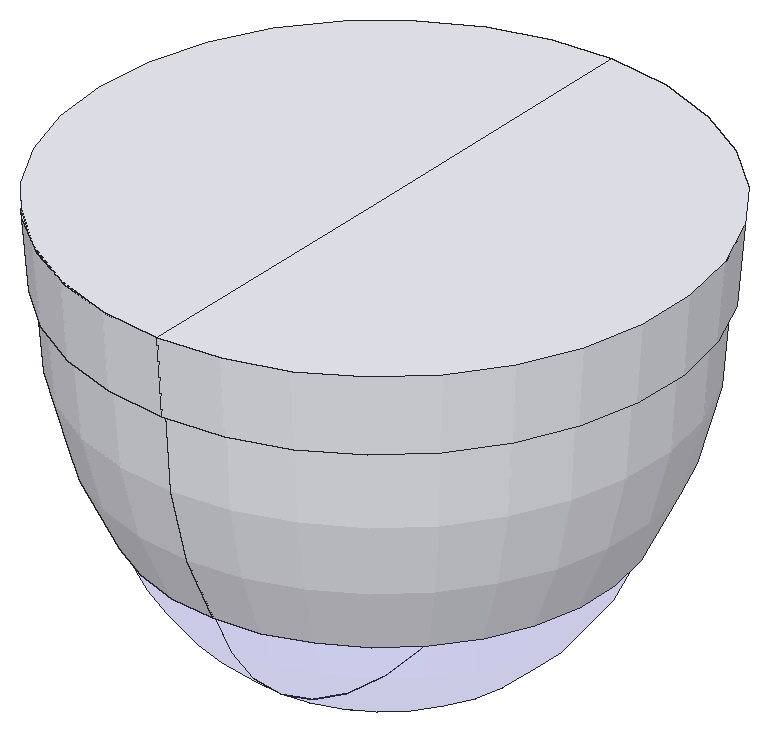
Revit family "PD4 GH AP types Sans hôte", category Dispositifs d'éclairage, Revit 2019
Family settings
  Conserver l'orientation des annotations = Non
  Cote de connecteur circulaire = Utiliser le diamètre
  Type d'élément = Normal
  Basée sur le plan de construction = Oui
  Toujours verticalement = Oui
  Couper avec des vides une fois chargée = Non
  Partagée = Non
  Point de calcul de pièce = Non
Parameters (values of type "01- PD4 GH AP Générique")
  Portée frontale [instance] = if(Position en hauteur > 1001 cm, 3000 cm, (Position en hauteur * 3))  # 3000 cm
  Portée frontale larg [instance] = if(Position en hauteur > 1001 cm, 1900 cm, (Position en hauteur * 2) - 100 cm)  # 1900 cm
  Zone de detection [instance] = no
  URL = "http://www.luxomat.com"
  Type de Sortie = ""
  Température ambiante = "-25°C à +50°C"
  Référence = ""
  Relais = ""
  Position en hauteur [instance] = 1000 cm
  Mode de pose = "Saillie"
  Hauteur de montage max préconisée [instance] = Hauteur de montage max  # 1400 cm
  Hauteur de montage max = 1400 cm
  Etiquette [instance] = yes
  Modèle = "PD4 GH AP"
  Marque = "LUXOMAT"
  Image du type = 360°.jpg
  IP = "20 ou 54 avec Socle IP54"
  Fabricant = "B.E.G."
  Default Elevation = 0 cm
  Consommation = ""
  Commentaires du type = "DET.PRES.GRANDE HAUTEUR.360°/Ø30M APPARENT"
  Code d'assemblage = "D5010200"
  Classe = "II"
  Charge LED = ""
  Charge Cos ɸ =1 = ""
  Charge Cos ɸ =0.5 = ""
  Alimentation = "110-240 V AC"
Types (10, lengths in cm): name | Type de Sortie | Température ambiante | Référence | Relais | Modèle | IP | Consommation | Commentaires du type | Charge LED | Charge Cos ɸ =1 | Charge Cos ɸ =0.5 | Alimentation
  (no name) | "" | "-25°C à +50°C" | "" | "" | "PD4 GH AP" | "20 ou 54 avec Socle IP54" | "" | "DET.PRES.GRANDE HAUTEUR.360°/Ø30M APPARENT" | "" | "" | "" | "110-240 V AC"
  01- PD4 GH AP Générique | "" | "-25°C à +50°C" | "" | "" | "PD4 GH AP" | "20 ou 54 avec Socle IP54" | "" | "DET.PRES.GRANDE HAUTEUR.360°/Ø30M APPARENT" | "" | "" | "" | "110-240 V AC"
  02- PD4 M 1C GH AP réf 92245 | "TOR" | "-25°C à +50°C" | "92245" | "10 A" | "PD4 M 1C GH AP" | "20 ou 54 avec Socle IP54" | "0,45 W" | "DET.PRES.MAITRE.GRANDE HAUTEUR.1 CONTACT.360°/Ø30M APPARENT" | "300 W" | "2300 W" | "1150 VA" | "110-240 V AC"
  08- PD4 KNX GH DX AP réf 93399 | "KNX - 1 sortie Eclairage TOR ou GRADATION / 3 sorties Présence / Capteur de température" | "-5°C à +45°C" | "93399" | "0" | "PD4 KNX GH DX AP" | "54" | "12 mA" | "DET.PRES.GRANDE HAUTEUR.KNX.VERSION DELUXE.360°/Ø30M APPARENT" | "0" | "0" | "0" | "24 V DC par BUS KNX"
  04- PD4 S GH AP réf 92265 | "Esclave" | "-25°C à +50°C" | "92265" | "0" | "PD4 S GH AP" | "54" | "0,25 W" | "DET.PRES.ESCLAVE.GRANDE HAUTEUR.360°/Ø30M APPARENT" | "0" | "0" | "0" | "110-240 V AC"
  06- PD4 DALISYS GH AP réf 93345 | "DALI Adressable" | "-25°C à +50°C" | "93345" | "0" | "PD4 DALISYS GH AP" | "54" | "7 mA" | "MULTI.CAPTEUR.PRES.GRANDE HAUTEUR.DALISYS.360°/Ø30M APPARENT" | "0" | "0" | "0" | "10 à 22 V DC par BUS DALI"
  03- PD4 M DACO GH AP réf 93469 | "DALI 2  (40 drivers maxi)" | "-25°C à +50°C" | "93469" | "0" | "PD4 M DACO GH AP" | "54" | "2 W" | "DET.PRES.GRANDE HAUTEUR.DALI 2.360°/Ø30M APPARENT" | "0" | "0" | "0" | "110-240 V AC"
  05- PD4 DALILINK GH AP réf 93845 | "DALILINK" | "-25°C à +50°C" | "93845" | "0" | "PD4 DALILINK GH AP" | "54" | "7 mA" | "MULTI.CAPTEUR.PRES.GRANDE HAUTEUR.DALILINK.360°/Ø30M APPARENT" | "0" | "0" | "0" | "16V DC par bus DALI"
  07- PD4 BMS DALI 2 GH AP réf 93545 | "DALI 2 Adressable - BMS" | "-25°C à +50°C" | "93545" | "0" | "PD4 BMS DALI 2 GH AP" | "54" | "7 mA" | "MULTI.CAPTEUR.PRES.GRANDE HAUTEUR.BMS.DALI 2.360°/Ø30M APPARENT" | "0" | "0" | "0" | "10 à 22 V DC par BUS DALI"
  09- PD4 KNXs GH DX AP réf 93518 | "KNX Sécure - 1 sortie Eclairage TOR ou GRADATION / 3 sorties Présence / Capteur de température / HCL" | "-5°C à +45°C" | "93518" | "0" | "PD4 KNXs GH DX AP" | "54" | "12 mA" | "DET.PRES.GRANDE HAUTEUR.KNX Sécure.VERSION DELUXE.360°/Ø30M APPARENT" | "0" | "0" | "0" | "24 V DC par BUS KNX"
Reference planes (cm)
  plane 1 "Centre (avant/arrière)": y = 0
  plane 2: z = 0
  plane 3 "Centre (gauche/droite)": x = 0
Dimensions and locks (cm)
  aligned and locked: level to plane 2
  aligned and locked: nested 4 to plane 3 "Centre (gauche/droite)"
  aligned and locked: nested 4 to plane 1 "Centre (avant/arrière)"
Nested families (cm)
  nested 1: "Famille4" at (7, -62.0756, 0), visible <- "Etiquette", modèle <- "Modèle", référence <- "Référence", type "Famille4"
    with référence "", modèle "PD4 GH AP"
  nested 2: "Plafond 360° 2D" at (0, 0, 0), type "Plafond 360° 2D"
  nested 3: "M14" at (0, 0, 0), type "Standard"
  nested 4: "Zone 360° - Ø30m Grande Hauteur" at (0, 0, 0), visible <- "Zone de detection", Frontale Larg <- "Portée frontale larg", Frontale Long <- "Portée frontale", type "Zone 360° - Ø30m Grande Hauteur"
    with position 2 475 cm, position 1 750 cm, Frontale Long 3000 cm, Frontale Larg 1900 cm
Connectors (cm)
  electrical at (0, 0, 0)
    settings: index 1, voltage 230 V, apparent load 0 VA, apparent load phase1 0 VA, apparent load phase2 0 VA, apparent load phase3 0 VA, power factor 1, load classification "Eclairage", number of poles 1, system type 31, power factor state 1, is connector primary yes, connector utility no, sub classification motor no, connector description ""
Definition of nested family "M14"
  Reference planes (cm)
    plane 1 "Centre (avant/arrière)": y = 0
    plane 2: z = 0
    plane 3 "Centre (gauche/droite)": x = 0
    plane 4: x = 0
  Forms (cm)
    Revolve 1, solid
      sketch origin (0, 0, 0) x (0, -1, 0) y (0, 0, 1)
        loop
          line (0, 0) -> (-5.05, 0) -> (-4.9363, -1.3) -> (-4.8363, -1.3)
          arc (-4.8363, -1.3) -> (-4.577, -3.2225) -> (-3.8, -5) r 7
          line (-3.8, -5) -> (0, -5) -> (0, 0)
        axis (0, 0) -> (0, -5)
      angle from 0 to 360
    Revolve 2, solid
      sketch origin (0, 0, 0) x (0, -1, 0) y (0, 0, 1)
        loop
          line (0, -7.6) -> (0, -5) -> (-3.75, -5)
          arc (-3.75, -5) -> (-2.2816, -6.8864) -> (0, -7.6) r 4.0043
        axis (0, -5) -> (0, -7.6)
      angle from 0 to 360
  Dimensions and locks (cm)
    aligned and locked: level to plane 2
Definition of nested family "Famille4"
  Parameters (values of type "Famille4")
    référence [instance] = ""
    modèle [instance] = ""
  Reference planes (cm)
    plane 1: y = 0
    plane 2: x = 0
  Text (cm)
    label "référence\nmodèle" at (-0.0547, 0.0091, 0), shows "référence", "modèle"
Definition of nested family "Plafond 360° 2D"
  Reference planes (cm)
    plane 1: y = 0
    plane 2: x = 0
  Lines and regions (cm)
    Filled region 1, type "rouge"
      outline origin (0, 0, 0) x (1, 0, 0) y (0, 1, 0)
        loop
          circle (0, 0) r 0.0294
    detail lines
      curve 1: arc (-0.1732, 0.1, 0) -> (-0.2, 0, 0) -> (-0.1732, -0.1, 0) r 0.2
      curve 2: arc (-0.1, -0.1732, 0) -> (0, -0.2, 0) -> (0.1, -0.1732, 0) r 0.2
      curve 3: arc (0.1732, -0.1, 0) -> (0.2, 0, 0) -> (0.1732, 0.1, 0) r 0.2
      curve 4: arc (0.1, 0.1732, 0) -> (0, 0.2, 0) -> (-0.1, 0.1732, 0) r 0.2
      curve 5: arc (-0.1375, 0.0794, 0) -> (-0.1588, 0, 0) -> (-0.1375, -0.0794, 0) r 0.1588
      curve 6: arc (-0.0794, -0.1375, 0) -> (0, -0.1588, 0) -> (0.0794, -0.1375, 0) r 0.1588
      curve 7: arc (0.1375, -0.0794, 0) -> (0.1588, 0, 0) -> (0.1375, 0.0794, 0) r 0.1588
      curve 8: arc (0.0794, 0.1375, 0) -> (0, 0.1588, 0) -> (-0.0794, 0.1375, 0) r 0.1588
      curve 9: arc (-0.1019, 0.0588, 0) -> (-0.1176, 0, 0) -> (-0.1019, -0.0588, 0) r 0.1176
      curve 10: arc (-0.0588, -0.1019, 0) -> (0, -0.1176, 0) -> (0.0588, -0.1019, 0) r 0.1176
      curve 11: arc (0.1019, -0.0588, 0) -> (0.1176, 0, 0) -> (0.1019, 0.0588, 0) r 0.1176
      curve 12: arc (0.0588, 0.1019, 0) -> (0, 0.1176, 0) -> (-0.0588, 0.1019, 0) r 0.1176
      curve 13: arc (-0.0294, 0, 0) -> (0, -0.0294, 0) -> (0.0294, 0, 0) r 0.0294
      curve 14: arc (0.0294, 0, 0) -> (0, 0.0294, 0) -> (-0.0294, 0, 0) r 0.0294
Definition of nested family "Zone 360° - Ø30m Grande Hauteur"
  Parameters (values of type "Zone 360° - Ø30m Grande Hauteur")
    position 2 [instance] = (Frontale Larg / 2) * 0.5  # 475 cm
    position 1 [instance] = (Frontale Long / 2) * 0.5  # 750 cm
    Frontale Long [instance] = 3000 cm
    Frontale Larg [instance] = 1900 cm
  Reference planes (cm)
    plane 1 "Centre (avant/arrière)": y = 0
    plane 2: z = 0
    plane 3 "Centre (gauche/droite)": x = 0
    plane 4: x = -750
    plane 5: y = -475
  Lines and regions (cm)
    detail lines, in view "Niveau de réf."
      curve 1: spline (-1500, 0, 0) -> (-1448.8887, 245.8781, 0) -> (-1299.0381, 475, 0) -> (-1060.6602, 671.7514, 0) -> (-750, 822.7241, 0) -> (-388.2286, 917.6295, 0) -> (0, 950, 0) -> (388.2286, 917.6295, 0) -> (750, 822.7241, 0) -> (1060.6602, 671.7514, 0) -> (1299.0381, 475, 0) -> (1448.8887, 245.8781, 0) -> (1500, 0, 0) -> (1448.8887, -245.8781, 0) -> (1299.0381, -475, 0) -> (1060.6602, -671.7514, 0) -> (750, -822.7241, 0) -> (388.2286, -917.6295, 0) -> (0, -950, 0) -> (-388.2286, -917.6295, 0) -> (-750, -822.7241, 0) -> (-1060.6602, -671.7514, 0) -> (-1299.0381, -475, 0) -> (-1448.8887, -245.8781, 0) -> (-1500, 0, 0)
      curve 2: line (-750, 0, 0) -> (-667.055, 0, 0)
      curve 3: line (-667.055, 0, 0) -> (-695.4233, 22.1638, 0)
      curve 4: line (-667.055, 0, 0) -> (-695.4233, -22.1638, 0)
      curve 8: line (0, -529.5767, 0) -> (0, -446.6316, 0)
      curve 9: line (0, -446.6316, 0) -> (-22.1638, -475, 0)
      curve 10: line (0, -446.6316, 0) -> (22.1638, -475, 0)
    detail lines, in view "Niveau de réf.", not visible
      curve 5: line (586.5931, -22.8044, 0) -> (669.5381, -22.8044, 0)
      curve 6: line (669.5381, -22.8044, 0) -> (641.1697, -0.6406, 0)
      curve 7: line (669.5381, -22.8044, 0) -> (641.1697, -44.9682, 0)
      curve 11: line (628.0656, -64.277, 0) -> (628.0656, 18.6681, 0)
      curve 12: line (628.0656, 18.6681, 0) -> (605.9018, -9.7003, 0)
      curve 13: line (628.0656, 18.6681, 0) -> (650.2294, -9.7003, 0)
  Dimensions and locks (cm)
    "position 2": plane 5 to plane 1 "Centre (avant/arrière)"
    "Frontale Long": curve 1 to curve 1
    "Frontale Larg": curve 1 to curve 1
    "position 1": plane 4 to plane 3 "Centre (gauche/droite)"
    aligned and locked: plane 5 to curve 10
    aligned and locked: curve 8 to plane 3 "Centre (gauche/droite)"
    aligned and locked: curve 2 to plane 1 "Centre (avant/arrière)"
    aligned and locked: plane 4 to curve 2
  Automatic sketch dimensions
    curve 9 to curve 9 = 22.1638 cm
    curve 8 to curve 10 = 22.1638 cm
    curve 10 to curve 9 = 28.3684 cm
    curve 9 to curve 9 = 28.3684 cm
    curve 8 to curve 9 = 54.5767 cm
    curve 12 to curve 12 = 22.1638 cm
    curve 11 to curve 13 = 22.1638 cm
    curve 13 to curve 12 = 28.3684 cm
    curve 12 to curve 12 = 28.3684 cm
    curve 11 to curve 12 = 54.5767 cm
    curve 4 to curve 3 = 28.3684 cm
    curve 3 to curve 3 = 28.3684 cm
    curve 2 to curve 4 = 54.5767 cm
    curve 4 to curve 3 = 22.1638 cm
    curve 3 to curve 3 = 22.1638 cm
    curve 7 to curve 6 = 28.3684 cm
    curve 6 to curve 6 = 28.3684 cm
    curve 5 to curve 7 = 54.5767 cm
    curve 7 to curve 6 = 22.1638 cm
    curve 6 to curve 6 = 22.1638 cm
    curve 1 to plane 1 "Centre (avant/arrière)" = 0 cm
    curve 1 to plane 3 "Centre (gauche/droite)" = 0 cm
